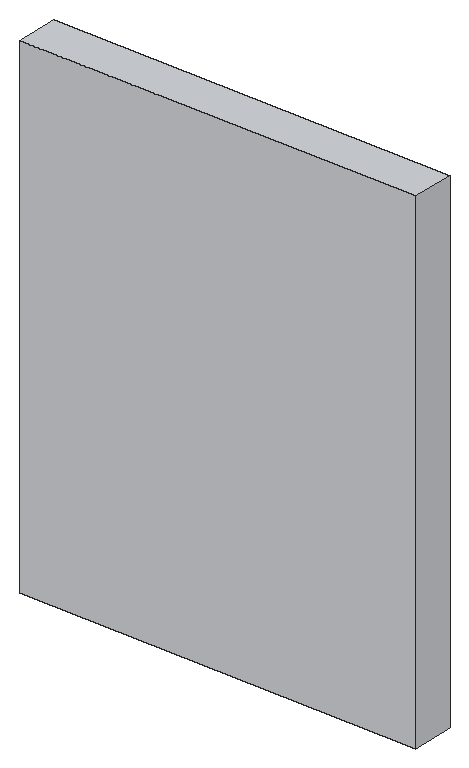
Revit family "Block-Roseburg-OSB", category Structural Framing, Revit 2026
Family settings
  Structural Framing Length Roundoff = 0' - 0"
  Section Shape = Not Defined
  Material for Model Behavior = Other
  Always export as geometry = No
  Work Plane-Based = Yes
  Always vertical = Yes
  Cut with Voids When Loaded = No
  Symbolic Representation = From Family
  Shared = No
  Show family pre-cut in plan views = Yes
Parameters (values of type "5-1/2" Wide, 1" x 9-1/2"")
  Testing Data = "See ESR1210"
  Series = ""
  Material = "OSB"
  Length = ""
  Keynote = "06 40 00"
  Installation Guide = "https://www.arcat.com/company/roseburg-43520-roseburg/catalog-viewer/framing-system-installation-guide-9235/1"
  b = 0' - 1"
  URL = "https://www.roseburg.com/engineered-wood/rigidlam-lvl/"
  Structural Material = none
  Specification = "https://www.arcat.com/company/roseburg-43520/spec"
  Product Data = "https://www.arcat.com/arcatcos/cos43/arc43520.html"
  Model = "Squash Block"
  Manufacturer = "Roseburg"
  Green Building-LEED = "https://www.arcat.com/company/roseburg-43520/leed"
  EWP Application Chart = "https://www.arcat.com/bim/roseburg/Roseburg-EWP-Application-Charts.xlsx"
  Description = "3-1/2\" wide, 1” APA Rim Board or Rated Sturd-I-Floor 32 o.c."
  Default Elevation = 4' - 0"
  Construction Details = "https://www.arcat.com/downloads/roseburg-43520-roseburg/cad/Q:2"
  d = 0' - 9 1/2"
  Building Codes = "See PR-L289 & PR-L289C"
  Assembly Code = "B10"
  Application Chart = "https://www.roseburg.com/resources/choose-the-right-mdf-for-your-next-job/"
Types (16): name | b | Description | d
  3-1/2" Wide, 1-1/8" x 11-7/8" | 0' - 1.13" | "3-1/2\" wide, 1-1/8” APA Rim Board or Rated Sturd-I-Floor 32 o.c." | 0' - 11.87"
  3-1/2" Wide, 1" x 9-1/2" | 0' - 1" | "3-1/2\" wide, 1” APA Rim Board or Rated Sturd-I-Floor 32 o.c." | 0' - 9 1/2"
  3-1/2" Wide, 1-1/8" x 14" | 0' - 1.13" | "3-1/2\" wide, 1-1/8” APA Rim Board or Rated Sturd-I-Floor 32 o.c." | 1' - 2"
  3-1/2" Wide, 1-1/8" x 9-1/2" | 0' - 1.13" | "3-1/2\" wide, 1-1/8” APA Rim Board or Rated Sturd-I-Floor 32 o.c." | 0' - 9 1/2"
  3-1/2" Wide, 1" x 11-7/8" | 0' - 1" | "3-1/2\" wide, 1” APA Rim Board or Rated Sturd-I-Floor 32 o.c." | 0' - 11.87"
  3-1/2" Wide, 1" x 14" | 0' - 1" | "3-1/2\" wide, 1” APA Rim Board or Rated Sturd-I-Floor 32 o.c." | 1' - 2"
  3-1/2" Wide, 1" x 16" | 0' - 1" | "3-1/2\" wide, 1” APA Rim Board or Rated Sturd-I-Floor 32 o.c." | 1' - 4"
  3-1/2" Wide, 1-1/8" x 16" | 0' - 1.13" | "3-1/2\" wide, 1-1/8” APA Rim Board or Rated Sturd-I-Floor 32 o.c." | 1' - 4"
  5-1/2" Wide, 1" x 11-7/8" | 0' - 1" | "3-1/2\" wide, 1” APA Rim Board or Rated Sturd-I-Floor 32 o.c." | 0' - 11.87"
  5-1/2" Wide, 1" x 14" | 0' - 1" | "3-1/2\" wide, 1” APA Rim Board or Rated Sturd-I-Floor 32 o.c." | 1' - 2"
  5-1/2" Wide, 1" x 16" | 0' - 1" | "3-1/2\" wide, 1” APA Rim Board or Rated Sturd-I-Floor 32 o.c." | 1' - 4"
  5-1/2" Wide, 1" x 9-1/2" | 0' - 1" | "3-1/2\" wide, 1” APA Rim Board or Rated Sturd-I-Floor 32 o.c." | 0' - 9 1/2"
  5-1/2" Wide, 1-1/8" x 11-7/8" | 0' - 1.13" | "3-1/2\" wide, 1-1/8” APA Rim Board or Rated Sturd-I-Floor 32 o.c." | 0' - 11.87"
  5-1/2" Wide, 1-1/8" x 14" | 0' - 1.13" | "3-1/2\" wide, 1-1/8” APA Rim Board or Rated Sturd-I-Floor 32 o.c." | 1' - 2"
  5-1/2" Wide, 1-1/8" x 16" | 0' - 1.13" | "3-1/2\" wide, 1-1/8” APA Rim Board or Rated Sturd-I-Floor 32 o.c." | 1' - 4"
  5-1/2" Wide, 1-1/8" x 9-1/2" | 0' - 1.13" | "3-1/2\" wide, 1-1/8” APA Rim Board or Rated Sturd-I-Floor 32 o.c." | 0' - 9 1/2"
Reference planes (in)
  plane 1 "Center (Front/Back)": y = 0
  plane 2: z = 0
  plane 3 "Center (Left/Right)": x = 0
  plane 4 "Left": x = -4.75
  plane 5 "Right": x = 4.75
  plane 6: y = 0.5
  plane 7: y = -0.5
  plane 8: z = 5.9375
  plane 9: z = -5.9375
Forms (in)
  Extrusion 1, solid, material <- "Structural Material", detail levels medium+fine
    sketch origin (0, 0, 0) x (0, 1, 0) y (0, 0, 1)
      loop
        line (-0.5, 5.9375) -> (-0.5, -5.9375) -> (0.5, -5.9375) -> (0.5, 5.9375) -> (-0.5, 5.9375)
    from -4.75 to 4.75
Lines and regions (in)
  model lines, detail levels coarse
    curve 1: line (-4.75, 0, 0) -> (4.75, 0, 0)
Dimensions and locks (in)
  equal spacing: plane 4 "Left", plane 3 "Center (Left/Right)", plane 5 "Right"
  "d": plane 4 "Left" to plane 5 "Right"
  equal spacing: plane 6, plane 1 "Center (Front/Back)", plane 7
  "b": plane 6 to plane 7
  equal spacing: plane 8, plane 2, plane 9
  locked: plane 8 to plane 9 at 11.875
  aligned and locked: plane 2 to level
  aligned and locked: Extrusion 1 sketch curve to plane 8
  aligned and locked: Extrusion 1 sketch curve to plane 6
  aligned and locked: plane 9 to Extrusion 1 sketch curve
  aligned and locked: plane 7 to Extrusion 1 sketch curve
  aligned and locked: Extrusion 1 to plane 4 "Left"
  aligned and locked: plane 5 "Right" to Extrusion 1
  aligned and locked: plane 4 "Left" to curve 1
  aligned and locked: plane 5 "Right" to curve 1
  aligned and locked: plane 1 "Center (Front/Back)" to curve 1
